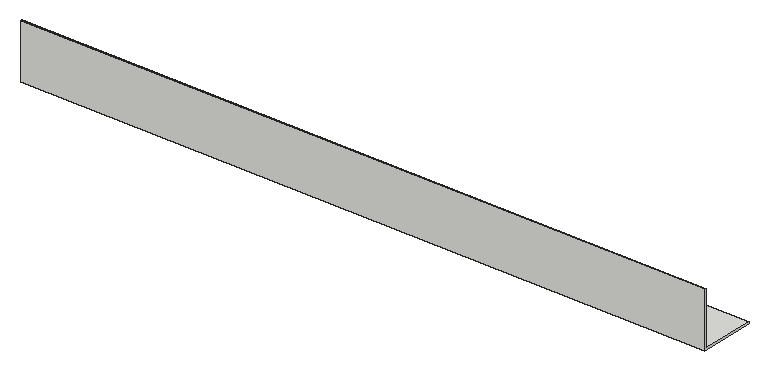
Revit family "BIMLIB_ПрофильГоризонтальныйОсновной_GRANDLINE", category Обобщенные модели, Revit 2017
Family settings
  Может служить основой для арматурных стержней = Нет
  Размер круглого соединителя = Использовать диаметр
  Тип детали = Нормальный
  При загрузке вырезать с полостями = Нет
  Общий = Нет
  Точка расчета площади = Нет
Parameters (values of type "40х40")
  Угол [instance] = if(Профиль_развернут, 270.00°, 0.00°)  # 0.00°
  Смещение от плоскости [instance] = 0 mm
  Смещение [instance] = if(Профиль_развернут, Смещение от плоскости + Профиль_Ширина, Смещение от плоскости)  # 0 mm
  Профиль_развернут [instance] = no
  Профиль_Ширина = 40 mm
  Профиль_Высота = 40 mm
  Описание = ADSK_Наименование  # "Профиль Г-образный 40х40х1,2"
  Изготовитель = "Grand Line"  # constant formula
  built-in parameter 1001306 [instance] = 500 mm
  Watermark [instance] = "Модели защищены уникальным кодом"
  URL = "https://www.grandline.ru"
  BL_Разработано = "support@bimlib.pro"
  BL_Email = "info@grandline.ru"
  BL_BIM library = "https://bimlib.pro/manufacturer/company/22430"
  ADSK_Размер_Длина [instance] = [built-in parameter 1001306]  # 500 mm
  ADSK_Обозначение = ""
  ADSK_Наименование = "Профиль Г-образный 40х40х1,2"
  ADSK_Материал тип подсчета = 1  # constant formula
  ADSK_Материал = GL_Сталь
  ADSK_Масса_Текст [instance] = ""
  ADSK_Масса [instance] = 0
  ADSK_Марка = ""
  ADSK_Количество [instance] = if(ADSK_Материал тип подсчета = 0, 1, if(ADSK_Материал тип подсчета = 1, ADSK_Размер_Длина / 1000 mm, 0))  # 0.5
  ADSK_Код изделия = "AR ГО40х40х1,2 ОЦ ОН"
  ADSK_Завод-изготовитель = "Grand Line"  # constant formula
  ADSK_Единица измерения = "м"  # constant formula
  ADSK_Группирование = "Доборные элементы"  # constant formula
  ADSK_Версия Revit = "2017"  # constant formula
  ADSK_URL страницы изделия = "https://www.grandline.ru/profil-gorizontalnyy-osnovnoy-ar-go40kh40kh1-2-ots-on-135512.html"
  ADSK_URL документации изделия = "https://www.grandline.ru/uploads/files/Sertifikati_vse/18%20%D0%93%D0%9A-%D0%BF%D1%80%D0%BE%D1%84%D0%B8%D0%BB%D1%8C%2C%20%D0%BF%D0%BE%D0%B4%D0%B2%D0%B5%D1%81%D0%BD%D1%8B%D0%B5%20%D0%BF%D0%BE%D1%82%D0%BE%D0%BB%D0%BE%D1%87%D0%BD%D1%8B%D0%B5%20%D1%81%D0%B8%D1%81%D1%82%D0%B5%D0%BC%D1%8B%2C%20%D0%9D%D0%B0%D0%B2%D0%B5%D1%81%D0%BD%D0%B0%D1%8F%20%D1%84%D0%B0%D1%81%D0%B0%D0%B4%D0%BD%D0%B0%D1%8F%20%D1%81%D0%B8%D1%81%D1%82%D0%B5%D0%BC%D0%B0/tu31.pdf"
Reference planes
  plane 1 "По центру (Вперед/Назад)": y = 0
  plane 2: z = 0
  plane 3 "Слева": x = 0
  plane 4 "Справа": x = 500
Forms (mm)
  Sweep 1, solid, material "GL_Сталь" <- "ADSK_Материал", detail levels medium+fine
    path in 3D
      loop
        line (0, 0, 0) -> (500, 0, 0)
    profile "Профиль_ГоризонтальныйОсновной : Профиль" origin (250, 0, 0) x (0, 1, 0) y (0, 0, 1)
      loop
        line (0, 0) -> (40, 0) -> (40, 1.2) -> (1.2, 1.2) -> (1.2, 40) -> (0, 40) -> (0, 0)
Lines and regions (mm)
  reference lines
    curve 1: line (0, 0, 0) -> (500, 0, 0)
  sketch lines
    curve 2: line (0, 0, 0) -> (500, 0, 0)
Dimensions and locks
  "built-in parameter 1001306": plane 3 "Слева" to plane 4 "Справа"
  aligned and locked: plane 4 "Справа" to curve 1
  aligned and locked: plane 1 "По центру (Вперед/Назад)" to curve 1
  aligned and locked: plane 3 "Слева" to curve 1
  aligned and locked: level to plane 2
